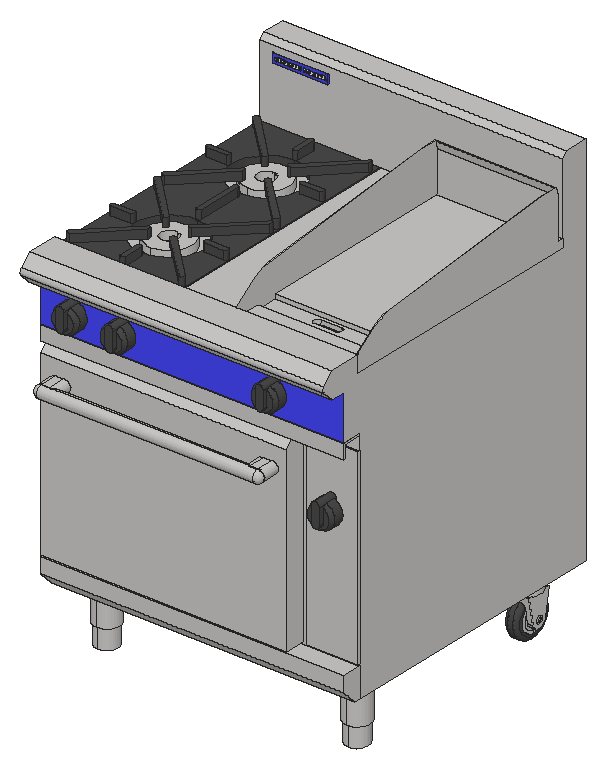
Revit family "QF_MOFFAT_BLUESEAL_CE_G505C", category Specialty Equipment, Revit 2012
Parameters
  Width = 750 mm  # constant formula
  Weight in Pounds = 401
  URL Cutsheet = "www.moffat.com"
  URL = "www.moffat.com"
  Type Mark [instance] = ""
  Status [instance] = ""
  Specification by User [instance] = ""
  Specification by Manufacturer = ""
  Show Logo [instance] = yes
  Show Clearance [instance] = yes
  Show Casters [instance] = yes
  Serial Number = ""
  Seismic Rating = ""
  SMACNA No = ""
  Revision Code [instance] = ""
  Omniclass Number and Title = ""
  NAFEM Spec ID Number = ""
  Model = "G505C"
  Mechanical Remarks [instance] = ""
  Mechanical Connection Type [instance] = ""
  Masterspec = ""
  Manufacturer = "MOFFAT BLUESEAL"
  Legs [instance] = not(Show Casters)  # no
  Item Number [instance] = ""
  Installed By [instance] = ""
  Identify Quantity as Lot [instance] = yes
  Height = 1085 mm  # constant formula
  Gas Size = 3/4"
  Gas RI Height [instance] = 0 mm
  Gas KW [instance] = 29.4
  Gas Input [instance] = 100468.0 Btu/h
  Gas Connection Height = 0 mm
  Furnished By [instance] = ""
  Foodservice Equipment Identifier [instance] = yes
  Description = "750MM GAS RANGE WITH STATIC OVEN"
  Depth = 812 mm  # constant formula
  CSI MasterFormat = ""
  CSI Master Format = ""
Reference planes
  plane 1 "BACK": y = 0
  plane 2: z = 0
  plane 3 "LEFT": x = 0
  plane 4 "RIGHT": x = 750
  plane 5 "FRONT": y = -812
  plane 6 "TOP": z = 970
  plane 7 "Center Y": x = 375
  plane 8 "Center X": y = -406
  plane 9: y = -100
  plane 10 "Base Height": z = 150
  plane 11: x = 65.8
  plane 12: x = 620
  plane 13: x = 685
  plane 14: y = -500
  plane 15: x = 676
  plane 16: z = 1085
Forms (mm)
  Extrusion 1, solid, material "QF_Finishes_Stainless Steel"
    sketch origin (0, 0, 0) x (0, 1, 0) y (0, 0, 1)
      loop
        line (-784.97, 850) -> (-749, 850) -> (-749, 740) -> (-699, 740) -> (-699, 150) -> (0, 150) -> (0, 1085) -> (-57.5, 1085) -> (-70, 1072.5) -> (-70, 875) -> (-705, 875) -> (-705, 915) -> (-783.97, 915) -> (-808.469, 890.501)
        arc (-808.469, 890.501) -> (-811.99, 882) -> (-808.469, 873.499) r 12.022
        line (-808.469, 873.499) -> (-784.97, 850)
    from 0 to 750
  Extrusion 2, solid, material "QF_Finishes_Stainless Steel"
    sketch origin (555.062, 3, 100) x (1, 0, 0) y (0, 1, 0)
      loop
        circle (65, -35) r 13.5
    from 555 to 640
  Revolve 3, solid, material "QF_Finishes_Stainless Steel"
    sketch origin (65, -728, 0) x (0, 1, 0) y (0, 0, 1)
      loop
        line (71.25, 150) -> (71.25, 50) -> (75.5, 50) -> (75.5, 0) -> (103, 0) -> (103, 150) -> (71.25, 150)
      axis (103, 150) -> (103, 0)
    angle from 0 to 360
  Extrusion 4, solid, material "QF_Finishes_Black"
    sketch origin (0, -70, 875) x (0, -1, 0) y (1, 0, 0)
      loop
        arc (1, 4) -> (1.879, 1.879) -> (4, 1) r 3
        line (4, 1) -> (632, 1)
        arc (632, 1) -> (634.121, 1.879) -> (635, 4) r 3
        line (635, 4) -> (635, 297)
        arc (635, 297) -> (634.121, 299.121) -> (632, 300) r 3
        line (632, 300) -> (4, 300)
        arc (4, 300) -> (1.879, 299.121) -> (1, 297) r 3
        line (1, 297) -> (1, 4)
      loop
        circle (167.5, 150) r 85
      loop
        circle (467.768, 150) r 85
    from 0 to 19.5
  Extrusion 5, solid, material "QF_Finishes_Black"
    sketch origin (0, -73.5, 894.5) x (0, -1, 0) y (1, 0, 0)
      loop
        spline (323.602, 15.153) -> (322.681, 13.924) -> (322.131, 12.47) -> (321.99, 10.89) -> (322.267, 9.292) -> (322.943, 7.786) -> (323.973, 6.473) -> (325.286, 5.443) -> (326.792, 4.767) -> (328.39, 4.49) -> (329.97, 4.631) -> (331.424, 5.181) -> (332.653, 6.102)
        line (332.653, 6.102) -> (440.576, 114.025)
        spline (440.576, 114.025) -> (441.337, 115.095) -> (441.738, 116.399) -> (441.751, 117.851) -> (441.375, 119.35) -> (440.637, 120.795) -> (439.586, 122.086) -> (438.295, 123.137) -> (436.85, 123.875) -> (435.351, 124.251) -> (433.899, 124.238) -> (432.595, 123.837) -> (431.525, 123.076)
        line (431.525, 123.076) -> (323.602, 15.153)
      loop
        spline (371.852, 143.6) -> (373.146, 143.818) -> (374.352, 144.457) -> (375.388, 145.475) -> (376.182, 146.8) -> (376.682, 148.344) -> (376.852, 150) -> (376.682, 151.656) -> (376.182, 153.2) -> (375.388, 154.525) -> (374.352, 155.543) -> (373.146, 156.182) -> (371.852, 156.4)
        line (371.852, 156.4) -> (259.398, 156.4)
        spline (259.398, 156.4) -> (258.104, 156.182) -> (256.898, 155.543) -> (255.862, 154.525) -> (255.068, 153.2) -> (254.568, 151.656) -> (254.398, 150) -> (254.568, 148.344) -> (255.068, 146.8) -> (255.862, 145.475) -> (256.898, 144.457) -> (258.104, 143.818) -> (259.398, 143.6)
        line (259.398, 143.6) -> (371.852, 143.6)
      loop
        line (311.398, 15.153) -> (203.475, 123.076)
        spline (203.475, 123.076) -> (202.405, 123.837) -> (201.101, 124.238) -> (199.649, 124.251) -> (198.15, 123.875) -> (196.705, 123.137) -> (195.414, 122.086) -> (194.363, 120.795) -> (193.625, 119.35) -> (193.249, 117.851) -> (193.262, 116.399) -> (193.663, 115.095) -> (194.424, 114.025)
        line (194.424, 114.025) -> (302.347, 6.102)
        spline (302.347, 6.102) -> (303.416, 5.341) -> (304.721, 4.941) -> (306.172, 4.928) -> (307.671, 5.303) -> (309.116, 6.041) -> (310.408, 7.092) -> (311.459, 8.384) -> (312.197, 9.829) -> (312.572, 11.328) -> (312.559, 12.779) -> (312.159, 14.084) -> (311.398, 15.153)
      loop
        line (323.602, 284.847) -> (431.525, 176.924)
        spline (431.525, 176.924) -> (432.595, 176.163) -> (433.899, 175.762) -> (435.351, 175.749) -> (436.85, 176.125) -> (438.295, 176.863) -> (439.586, 177.914) -> (440.637, 179.205) -> (441.375, 180.65) -> (441.751, 182.149) -> (441.738, 183.601) -> (441.337, 184.905) -> (440.576, 185.975)
        line (440.576, 185.975) -> (332.653, 293.898)
        spline (332.653, 293.898) -> (331.424, 294.819) -> (329.97, 295.369) -> (328.39, 295.51) -> (326.792, 295.233) -> (325.286, 294.557) -> (323.973, 293.527) -> (322.943, 292.214) -> (322.267, 290.708) -> (321.99, 289.11) -> (322.131, 287.53) -> (322.681, 286.076) -> (323.602, 284.847)
      loop
        spline (311.398, 284.847) -> (312.159, 285.916) -> (312.559, 287.221) -> (312.572, 288.672) -> (312.197, 290.171) -> (311.459, 291.616) -> (310.408, 292.908) -> (309.116, 293.959) -> (307.671, 294.697) -> (306.172, 295.072) -> (304.721, 295.059) -> (303.416, 294.659) -> (302.347, 293.898)
        line (302.347, 293.898) -> (194.424, 185.975)
        spline (194.424, 185.975) -> (193.663, 184.905) -> (193.262, 183.601) -> (193.249, 182.149) -> (193.625, 180.65) -> (194.363, 179.205) -> (195.414, 177.914) -> (196.705, 176.863) -> (198.15, 176.125) -> (199.649, 175.749) -> (201.101, 175.762) -> (202.405, 176.163) -> (203.475, 176.924)
        line (203.475, 176.924) -> (311.398, 284.847)
      loop
        spline (73.549, 143.6) -> (74.844, 143.818) -> (76.049, 144.457) -> (77.085, 145.475) -> (77.88, 146.8) -> (78.379, 148.344) -> (78.549, 150) -> (78.379, 151.656) -> (77.88, 153.2) -> (77.085, 154.525) -> (76.049, 155.543) -> (74.844, 156.182) -> (73.549, 156.4)
        line (73.549, 156.4) -> (25.093, 156.4)
        spline (25.093, 156.4) -> (23.799, 156.182) -> (22.593, 155.543) -> (21.558, 154.525) -> (20.763, 153.2) -> (20.264, 151.656) -> (20.093, 150) -> (20.264, 148.344) -> (20.763, 146.8) -> (21.558, 145.475) -> (22.593, 144.457) -> (23.799, 143.818) -> (25.093, 143.6)
        line (25.093, 143.6) -> (73.549, 143.6)
      loop
        spline (608.1, 143.6) -> (609.394, 143.818) -> (610.6, 144.457) -> (611.636, 145.475) -> (612.43, 146.8) -> (612.93, 148.344) -> (613.1, 150) -> (612.93, 151.656) -> (612.43, 153.2) -> (611.636, 154.525) -> (610.6, 155.543) -> (609.394, 156.182) -> (608.1, 156.4)
        line (608.1, 156.4) -> (558.644, 156.4)
        spline (558.644, 156.4) -> (557.35, 156.182) -> (556.144, 155.543) -> (555.108, 154.525) -> (554.314, 153.2) -> (553.814, 151.656) -> (553.644, 150) -> (553.814, 148.344) -> (554.314, 146.8) -> (555.108, 145.475) -> (556.144, 144.457) -> (557.35, 143.818) -> (558.644, 143.6)
        line (558.644, 143.6) -> (608.1, 143.6)
      loop
        spline (457.6, 10.156) -> (457.818, 8.862) -> (458.457, 7.656) -> (459.475, 6.62) -> (460.8, 5.826) -> (462.344, 5.326) -> (464, 5.156) -> (465.656, 5.326) -> (467.2, 5.826) -> (468.525, 6.62) -> (469.543, 7.656) -> (470.182, 8.862) -> (470.4, 10.156)
        line (470.4, 10.156) -> (470.4, 58.612)
        spline (470.4, 58.612) -> (470.182, 59.906) -> (469.543, 61.112) -> (468.525, 62.148) -> (467.2, 62.942) -> (465.656, 63.442) -> (464, 63.612) -> (462.344, 63.442) -> (460.8, 62.942) -> (459.475, 62.148) -> (458.457, 61.112) -> (457.818, 59.906) -> (457.6, 58.612)
        line (457.6, 58.612) -> (457.6, 10.156)
      loop
        spline (160.966, 10.156) -> (161.184, 8.862) -> (161.823, 7.656) -> (162.841, 6.62) -> (164.166, 5.826) -> (165.71, 5.326) -> (167.366, 5.156) -> (169.022, 5.326) -> (170.566, 5.826) -> (171.892, 6.62) -> (172.909, 7.656) -> (173.548, 8.862) -> (173.766, 10.156)
        line (173.766, 10.156) -> (173.766, 58.612)
        spline (173.766, 58.612) -> (173.548, 59.906) -> (172.909, 61.112) -> (171.892, 62.148) -> (170.566, 62.942) -> (169.022, 63.442) -> (167.366, 63.612) -> (165.71, 63.442) -> (164.166, 62.942) -> (162.841, 62.148) -> (161.823, 61.112) -> (161.184, 59.906) -> (160.966, 58.612)
        line (160.966, 58.612) -> (160.966, 10.156)
      loop
        spline (457.6, 241.636) -> (457.818, 240.342) -> (458.457, 239.136) -> (459.475, 238.1) -> (460.8, 237.306) -> (462.344, 236.806) -> (464, 236.636) -> (465.656, 236.806) -> (467.2, 237.306) -> (468.525, 238.1) -> (469.543, 239.136) -> (470.182, 240.342) -> (470.4, 241.636)
        line (470.4, 241.636) -> (470.4, 290.092)
        spline (470.4, 290.092) -> (470.182, 291.386) -> (469.543, 292.592) -> (468.525, 293.628) -> (467.2, 294.422) -> (465.656, 294.922) -> (464, 295.092) -> (462.344, 294.922) -> (460.8, 294.422) -> (459.475, 293.628) -> (458.457, 292.592) -> (457.818, 291.386) -> (457.6, 290.092)
        line (457.6, 290.092) -> (457.6, 241.636)
      loop
        spline (160.966, 241.636) -> (161.184, 240.342) -> (161.823, 239.136) -> (162.841, 238.1) -> (164.166, 237.306) -> (165.71, 236.806) -> (167.366, 236.636) -> (169.022, 236.806) -> (170.566, 237.306) -> (171.892, 238.1) -> (172.909, 239.136) -> (173.548, 240.342) -> (173.766, 241.636)
        line (173.766, 241.636) -> (173.766, 290.092)
        spline (173.766, 290.092) -> (173.548, 291.386) -> (172.909, 292.592) -> (171.892, 293.628) -> (170.566, 294.422) -> (169.022, 294.922) -> (167.366, 295.092) -> (165.71, 294.922) -> (164.166, 294.422) -> (162.841, 293.628) -> (161.823, 292.592) -> (161.184, 291.386) -> (160.966, 290.092)
        line (160.966, 290.092) -> (160.966, 241.636)
      loop
        line (604.398, 15.153) -> (496.475, 123.076)
        spline (496.475, 123.076) -> (495.405, 123.837) -> (494.101, 124.238) -> (492.649, 124.251) -> (491.15, 123.875) -> (489.705, 123.137) -> (488.414, 122.086) -> (487.363, 120.795) -> (486.625, 119.35) -> (486.249, 117.851) -> (486.262, 116.399) -> (486.663, 115.095) -> (487.424, 114.025)
        line (487.424, 114.025) -> (595.347, 6.102)
        spline (595.347, 6.102) -> (596.576, 5.181) -> (598.03, 4.631) -> (599.61, 4.49) -> (601.208, 4.767) -> (602.714, 5.443) -> (604.027, 6.473) -> (605.057, 7.786) -> (605.733, 9.292) -> (606.01, 10.89) -> (605.869, 12.47) -> (605.319, 13.924) -> (604.398, 15.153)
      loop
        spline (604.398, 284.847) -> (605.319, 286.076) -> (605.869, 287.53) -> (606.01, 289.11) -> (605.733, 290.708) -> (605.057, 292.214) -> (604.027, 293.527) -> (602.714, 294.557) -> (601.208, 295.233) -> (599.61, 295.51) -> (598.03, 295.369) -> (596.576, 294.819) -> (595.347, 293.898)
        line (595.347, 293.898) -> (487.424, 185.975)
        spline (487.424, 185.975) -> (486.663, 184.905) -> (486.262, 183.601) -> (486.249, 182.149) -> (486.625, 180.65) -> (487.363, 179.205) -> (488.414, 177.914) -> (489.705, 176.863) -> (491.15, 176.125) -> (492.649, 175.749) -> (494.101, 175.762) -> (495.405, 176.163) -> (496.475, 176.924)
        line (496.475, 176.924) -> (604.398, 284.847)
      loop
        spline (16.602, 15.153) -> (15.841, 14.084) -> (15.441, 12.779) -> (15.428, 11.328) -> (15.803, 9.829) -> (16.541, 8.384) -> (17.592, 7.092) -> (18.884, 6.041) -> (20.329, 5.303) -> (21.828, 4.928) -> (23.279, 4.941) -> (24.584, 5.341) -> (25.653, 6.102)
        line (25.653, 6.102) -> (133.576, 114.025)
        spline (133.576, 114.025) -> (134.337, 115.095) -> (134.738, 116.399) -> (134.751, 117.851) -> (134.375, 119.35) -> (133.637, 120.795) -> (132.586, 122.086) -> (131.295, 123.137) -> (129.85, 123.875) -> (128.351, 124.251) -> (126.899, 124.238) -> (125.595, 123.837) -> (124.525, 123.076)
        line (124.525, 123.076) -> (16.602, 15.153)
      loop
        line (16.602, 284.847) -> (124.525, 176.924)
        spline (124.525, 176.924) -> (125.595, 176.163) -> (126.899, 175.762) -> (128.351, 175.749) -> (129.85, 176.125) -> (131.295, 176.863) -> (132.586, 177.914) -> (133.637, 179.205) -> (134.375, 180.65) -> (134.751, 182.149) -> (134.738, 183.601) -> (134.337, 184.905) -> (133.576, 185.975)
        line (133.576, 185.975) -> (25.653, 293.898)
        spline (25.653, 293.898) -> (24.584, 294.659) -> (23.279, 295.059) -> (21.828, 295.072) -> (20.329, 294.697) -> (18.884, 293.959) -> (17.592, 292.908) -> (16.541, 291.616) -> (15.803, 290.171) -> (15.428, 288.672) -> (15.441, 287.221) -> (15.841, 285.916) -> (16.602, 284.847)
    from 0 to 20.5
  Revolve 6, solid, material "QF_Finishes_Stainless Steel"
    sketch origin (685, -728, 0) x (0, 1, 0) y (0, 0, -1)
      loop
        line (71.25, -150) -> (103, -150) -> (103, 0) -> (75.5, 0) -> (75.5, -50) -> (71.25, -50) -> (71.25, -150)
      axis (103, -150) -> (103, 0)
    angle from 0 to 360
  Extrusion 7, solid, material "QF_Finishes_Stainless Steel"
    sketch origin (0, -70, 875) x (0, -1, 0) y (1, 0, 0)
      loop
        line (634, 300) -> (634, 450) -> (0, 450) -> (0, 300) -> (634, 300)
    from 0 to 19.5
  Extrusion 8, void
    sketch origin (0, -749, 227.5) x (0, 0, -1) y (-1, 0, 0)
      loop
        line (-465, -610) -> (-465, -625) -> (0, -625) -> (0, -610) -> (-465, -610)
    from 0 to 50
  Revolve 9, solid, material "QF_Finishes_Black"
    sketch origin (210, 7, 758.895) x (0, -1, 0) y (0, 0, 1)
      loop
        line (789, 69.605) -> (766, 69.605) -> (766, 42.105) -> (756, 42.105) -> (756, 37.105) -> (800, 37.105) -> (800, 63.757) -> (789, 69.605)
      axis (800, 37.105) -> (756, 37.105)
    angle from 0 to 360
  Revolve 10, solid, material "QF_Finishes_Black"
    sketch origin (89.999, 7, 758.768) x (0, 1, 0) y (0, 0, -1)
      loop
        line (-789, -69.5) -> (-766, -69.5) -> (-766, -42) -> (-756, -42) -> (-756, -37) -> (-800, -37) -> (-800, -63.651) -> (-789, -69.5)
      axis (-800, -37) -> (-756, -37)
    angle from 0 to 360
  Extrusion 11, solid, material "QF_Finishes_Black"
    sketch origin (228.269, 7, 758.926) x (-1, 0, 0) y (0, 0, -1)
      loop
        arc (148.269, -24.969) -> (138.269, -14.969) -> (128.269, -24.969) r 10
        line (128.269, -24.969) -> (128.269, -63.969)
        arc (128.269, -63.969) -> (138.269, -73.969) -> (148.269, -63.969) r 10
        line (148.269, -63.969) -> (148.269, -24.969)
    from 759 to 808
  Extrusion 12, solid, material "QF_Finishes_Black"
    sketch origin (349.45, 7, 758.926) x (-1, 0, 0) y (0, 0, -1)
      loop
        arc (148.269, -24.969) -> (138.269, -14.969) -> (128.269, -24.969) r 10
        line (128.269, -24.969) -> (128.269, -63.969)
        arc (128.269, -63.969) -> (138.269, -73.969) -> (148.269, -63.969) r 10
        line (148.269, -63.969) -> (148.269, -24.969)
    from 759 to 808
  Revolve 13, solid, material "QF_Finishes_Black"
    sketch origin (583.75, 7, 758.895) x (0, -1, 0) y (0, 0, -1)
      loop
        line (789, -69.605) -> (800, -63.757) -> (800, -37.105) -> (756, -37.105) -> (756, -42.105) -> (766, -42.105) -> (766, -69.605) -> (789, -69.605)
      axis (800, -37.105) -> (756, -37.105)
    angle from 0 to 360
  Extrusion 14, solid, material "QF_Finishes_Black"
    sketch origin (445.481, 7, 758.926) x (1, 0, 0) y (0, 0, 1)
      loop
        line (148.269, 24.969) -> (148.269, 63.969)
        arc (148.269, 63.969) -> (138.269, 73.969) -> (128.269, 63.969) r 10
        line (128.269, 63.969) -> (128.269, 24.969)
        arc (128.269, 24.969) -> (138.269, 14.969) -> (148.269, 24.969) r 10
    from 759 to 808
  Revolve 15, solid, material "QF_Finishes_Black"
    sketch origin (687.53, 51.5, 355.134) x (0, 1, 0) y (0, 0, 1)
      loop
        line (-789, 229.5) -> (-800, 223.651) -> (-800, 197) -> (-756, 197) -> (-756, 202) -> (-766, 202) -> (-766, 229.5) -> (-789, 229.5)
      axis (-800, 197) -> (-756, 197)
    angle from 0 to 360
  Extrusion 16, solid, material "QF_Finishes_Black"
    sketch origin (549.26, 51.5, 355.292) x (1, 0, 0) y (0, 0, 1)
      loop
        line (148.269, 184.969) -> (148.269, 223.969)
        arc (148.269, 223.969) -> (138.269, 233.969) -> (128.269, 223.969) r 10
        line (128.269, 223.969) -> (128.269, 184.969)
        arc (128.269, 184.969) -> (138.269, 174.969) -> (148.269, 184.969) r 10
    from 759 to 808
  Extrusion 17, solid, material "QF_Door-Drawer Clearances", visible <- "Show Clearance", detail levels coarse
    sketch origin (0, 7, 0) x (0, -1, 0) y (0, 0, 1)
      loop
        line (756, 690.016) -> (756, 227.5) -> (1218.516, 227.5)
        arc (1218.516, 227.5) -> (1083.048, 554.548) -> (756, 690.016) r 462.516
    from 0 to -610
  Extrusion 18, void
    sketch origin (0, 0, 150) x (-1, 0, 0) y (0, -1, 0)
      loop
        line (-681, 87.26) -> (-681, -30.24) -> (-551.5, -30.24) -> (-551.5, 38.76) -> (-600, 87.26) -> (-681, 87.26)
    from 72.5 to 590
  Extrusion 19, void
    sketch origin (35, -740, 227.5) x (0, 0, -1) y (-1, 0, 0)
      loop
        line (-472.5, -590) -> (-472.5, -715) -> (0, -715) -> (0, -590) -> (-472.5, -590)
    from -9 to 35
  Extrusion 20, solid, material "QF_Finishes_Stainless Steel"
    sketch origin (0, -70, 875) x (0, -1, 0) y (1, 0, 0)
      loop
        circle (467.5, 150) r 57
      loop
        circle (167.5, 150) r 57
      loop
        circle (467.5, 150) r 22
      loop
        circle (167.5, 150) r 22
    from 0 to 19.5
  Extrusion 21, solid, material "QF_Finishes_Stainless Steel"
    sketch origin (0, -749, 227.5) x (0, 0, 1) y (-1, 0, 0)
      loop
        line (380.625, -38.246) -> (380.625, -58.528)
        arc (380.625, -58.528) -> (395.625, -73.528) -> (410.625, -58.528) r 15
        line (410.625, -58.528) -> (410.625, -38.246)
        arc (410.625, -38.246) -> (395.625, -23.246) -> (380.625, -38.246) r 15
      loop
        arc (380.625, -573.039) -> (395.625, -588.039) -> (410.625, -573.039) r 15
        line (410.625, -573.039) -> (410.625, -552.757)
        arc (410.625, -552.757) -> (395.625, -537.757) -> (380.625, -552.757) r 15
        line (380.625, -552.757) -> (380.625, -573.039)
    from 0 to 44
  Revolve 22, solid, material "QF_Finishes_Stainless Steel"
    sketch origin (0, -793, 0) x (1, 0, 0) y (0, 0, 1)
      loop
        arc (588.039, 623.125) -> (583.646, 633.732) -> (573.039, 638.125) r 15
        line (573.039, 638.125) -> (38.246, 638.125)
        arc (38.246, 638.125) -> (27.64, 633.732) -> (23.246, 623.125) r 15
        line (23.246, 623.125) -> (588.039, 623.125)
      axis (588.039, 623.125) -> (23.246, 623.125)
    angle from 0 to 360
  Extrusion 23, solid, material "QF_Finishes_Stainless Steel"
    sketch origin (0, 9, 0) x (0, 1, 0) y (0, 0, 1)
      loop
        line (-708, 227.5) -> (-708, 700) -> (-734, 700) -> (-758, 676) -> (-758, 227.5) -> (-708, 227.5)
    from 0 to 750
  Extrusion 24, solid, material "QF_Finishes_Stainless Steel"
    sketch origin (0, 7, 0) x (0, 1, 0) y (0, 0, 1)
      loop
        line (-756, 738) -> (-756, 703) -> (-752.98, 703) -> (-752.98, 735) -> (-708, 735) -> (-708, 738) -> (-756, 738)
    from 0 to 750
  Extrusion 25, solid, material "QF_Finishes_Stainless Steel"
    sketch origin (0, 9, 0) x (0, 1, 0) y (0, 0, 1)
      loop
        line (-708, 222.5) -> (-758, 222.5) -> (-758, 186) -> (-722, 150) -> (-708, 150) -> (-708, 222.5)
    from 0 to 750
  Extrusion 26, solid, material "QF_Finishes_Stainless Steel", visible <- "Show Casters"
    sketch origin (71.501, 133.353, -8.783) x (0, 1, 0) y (0, 0, 1)
      loop
        line (-201.603, 118.783) -> (-265.103, 118.783) -> (-252.746, 53.895)
        arc (-252.746, 53.895) -> (-233.353, 38.783) -> (-213.959, 53.895) r 20
        line (-213.959, 53.895) -> (-201.603, 118.783)
    from -35.667 to 22.923
  Revolve 27, solid, material "QF_Finishes_Stainless Steel", visible <- "Show Casters"
    sketch origin (65, -203, 0) x (0, 1, 0) y (0, 0, 1)
      loop
        line (67.25, 150) -> (67.25, 110) -> (103, 110) -> (103, 150) -> (67.25, 150)
      axis (103, 150) -> (103, 110)
    angle from 0 to 360
  Revolve 28, solid, material "QF_Finishes_Stainless Steel", visible <- "Show Casters"
    sketch origin (685, -203, 0) x (0, 1, 0) y (0, 0, -1)
      loop
        line (67.25, -150) -> (103, -150) -> (103, -110) -> (67.25, -110) -> (67.25, -150)
      axis (103, -150) -> (103, -110)
    angle from 0 to 360
  Revolve 29, solid, material "QF_Finishes_Stainless Steel", visible <- "Show Casters"
    sketch origin (635.776, -99.755, -13.653) x (1, 0, 0) y (0, 0, 1)
      loop
        line (14.841, 64.453) -> (83.584, 64.453) -> (83.584, 67.958) -> (82.314, 69.228) -> (80.79, 69.228) -> (80.79, 72.674) -> (68.644, 72.674) -> (68.644, 82.639) -> (65.088, 84.692) -> (63.738, 93.028) -> (65.881, 93.028) -> (65.881, 99.378) -> (65.088, 99.378) -> (65.088, 105.728)
        arc (65.088, 105.728) -> (62.298, 112.463) -> (55.563, 115.253) r 9.525
        line (55.563, 115.253) -> (42.863, 115.253)
        arc (42.863, 115.253) -> (36.127, 112.463) -> (33.338, 105.728) r 9.525
        line (33.338, 105.728) -> (33.338, 99.378) -> (32.544, 99.378) -> (32.544, 93.028) -> (34.687, 93.028) -> (33.352, 84.781) -> (29.782, 82.719) -> (29.782, 72.674) -> (17.635, 72.674) -> (17.635, 69.228) -> (16.111, 69.228) -> (14.841, 67.958) -> (14.841, 64.453)
      axis (14.841, 64.453) -> (83.584, 64.453)
    angle from 0 to 360
  Extrusion 30, solid, material "QF_Finishes_Stainless Steel", visible <- "Show Casters"
    sketch origin (691.501, 133.353, -8.783) x (0, 1, 0) y (0, 0, 1)
      loop
        line (-201.603, 118.783) -> (-265.103, 118.783) -> (-252.746, 53.895)
        arc (-252.746, 53.895) -> (-233.353, 38.783) -> (-213.959, 53.895) r 20
        line (-213.959, 53.895) -> (-201.603, 118.783)
    from -35.667 to 22.923
  Revolve 31, solid, material "QF_Finishes_Stainless Steel", visible <- "Legs"
    sketch origin (65, -165, 0) x (0, 1, 0) y (0, 0, 1)
      loop
        line (33.25, 150) -> (33.25, 50) -> (37.5, 50) -> (37.5, 0) -> (65, 0) -> (65, 150) -> (33.25, 150)
      axis (65, 150) -> (65, 0)
    angle from 0 to 360
  Revolve 32, solid, material "QF_Finishes_Stainless Steel", visible <- "Legs"
    sketch origin (685, -165, 0) x (0, 1, 0) y (0, 0, -1)
      loop
        line (33.25, -150) -> (65, -150) -> (65, 0) -> (37.5, 0) -> (37.5, -50) -> (33.25, -50) -> (33.25, -150)
      axis (65, -150) -> (65, 0)
    angle from 0 to 360
  Revolve 33, solid, material "QF_Finishes_Stainless Steel", visible <- "Show Casters"
    sketch origin (114.224, -99.755, -13.653) x (-1, 0, 0) y (0, 0, -1)
      loop
        line (14.841, -64.453) -> (14.841, -67.958) -> (16.111, -69.228) -> (17.635, -69.228) -> (17.635, -72.674) -> (29.782, -72.674) -> (29.782, -82.719) -> (33.352, -84.781) -> (34.687, -93.028) -> (32.544, -93.028) -> (32.544, -99.378) -> (33.338, -99.378) -> (33.338, -105.728)
        arc (33.338, -105.728) -> (36.127, -112.463) -> (42.863, -115.253) r 9.525
        line (42.863, -115.253) -> (55.563, -115.253)
        arc (55.563, -115.253) -> (62.298, -112.463) -> (65.088, -105.728) r 9.525
        line (65.088, -105.728) -> (65.088, -99.378) -> (65.881, -99.378) -> (65.881, -93.028) -> (63.738, -93.028) -> (65.088, -84.692) -> (68.644, -82.639) -> (68.644, -72.674) -> (80.79, -72.674) -> (80.79, -69.228) -> (82.314, -69.228) -> (83.584, -67.958) -> (83.584, -64.453) -> (14.841, -64.453)
      axis (14.841, -64.453) -> (83.584, -64.453)
    angle from 0 to 360
Cuts and joins
  Extrusion 8, Extrusion 18, Extrusion 19 cuts Extrusion 1
  Extrusion 8, Extrusion 19 cuts Extrusion 23
Lines and regions (mm)
  Split face 1
    outline origin (0, -70, 894.5) x (0, -1, 0) y (1, 0, 0)
      loop
        circle (45.037, 327.576) r 8
  Split face 2
    outline origin (47.424, -70, 894.5) x (0, -1, 0) y (1, 0, 0)
      loop
        circle (45.037, 327.576) r 8
  Split face 3
    outline origin (750, -70, 894.5) x (0, -1, 0) y (1, 0, 0)
      loop
        circle (45.037, -327.576) r 8
  Split face 4
    outline origin (0, -104, 894.5) x (0, -1, 0) y (1, 0, 0)
      loop
        circle (45.037, 327.576) r 8
  Split face 5
    outline origin (47.424, -104, 894.5) x (0, -1, 0) y (1, 0, 0)
      loop
        circle (45.037, 327.576) r 8
  Split face 6
    outline origin (750, -104, 894.5) x (0, -1, 0) y (1, 0, 0)
      loop
        circle (45.037, -327.576) r 8
  Split face 7
    outline origin (0, -138, 894.5) x (0, -1, 0) y (1, 0, 0)
      loop
        circle (45.037, 327.576) r 8
  Split face 8
    outline origin (47.424, -138, 894.5) x (0, -1, 0) y (1, 0, 0)
      loop
        circle (45.037, 327.576) r 8
  Split face 9
    outline origin (750, -138, 894.5) x (0, -1, 0) y (1, 0, 0)
      loop
        circle (45.037, -327.576) r 8
  Split face 10
    outline origin (0, -172, 894.5) x (0, -1, 0) y (1, 0, 0)
      loop
        circle (45.037, 327.576) r 8
  Split face 11
    outline origin (47.424, -172, 894.5) x (0, -1, 0) y (1, 0, 0)
      loop
        circle (45.037, 327.576) r 8
  Split face 12
    outline origin (750, -172, 894.5) x (0, -1, 0) y (1, 0, 0)
      loop
        circle (45.037, -327.576) r 8
  Split face 13
    outline origin (0, -206, 894.5) x (0, -1, 0) y (1, 0, 0)
      loop
        circle (45.037, 327.576) r 8
  Split face 14
    outline origin (47.424, -206, 894.5) x (0, -1, 0) y (1, 0, 0)
      loop
        circle (45.037, 327.576) r 8
  Split face 15
    outline origin (750, -206, 894.5) x (0, -1, 0) y (1, 0, 0)
      loop
        circle (45.037, -327.576) r 8
  Split face 16
    outline origin (0, -240, 894.5) x (0, -1, 0) y (1, 0, 0)
      loop
        circle (45.037, 327.576) r 8
  Split face 17
    outline origin (47.424, -240, 894.5) x (0, -1, 0) y (1, 0, 0)
      loop
        circle (45.037, 327.576) r 8
  Split face 18
    outline origin (750, -240, 894.5) x (0, -1, 0) y (1, 0, 0)
      loop
        circle (45.037, -327.576) r 8
  Split face 19
    outline origin (0, -274, 894.5) x (0, -1, 0) y (1, 0, 0)
      loop
        circle (45.037, 327.576) r 8
  Split face 20
    outline origin (47.424, -274, 894.5) x (0, -1, 0) y (1, 0, 0)
      loop
        circle (45.037, 327.576) r 8
  Split face 21
    outline origin (750, -274, 894.5) x (0, -1, 0) y (1, 0, 0)
      loop
        circle (45.037, -327.576) r 8
  Split face 22
    outline origin (0, -308, 894.5) x (0, -1, 0) y (1, 0, 0)
      loop
        circle (45.037, 327.576) r 8
  Split face 23
    outline origin (47.424, -308, 894.5) x (0, -1, 0) y (1, 0, 0)
      loop
        circle (45.037, 327.576) r 8
  Split face 24
    outline origin (750, -308, 894.5) x (0, -1, 0) y (1, 0, 0)
      loop
        circle (45.037, -327.576) r 8
  Split face 25
    outline origin (0, -342, 894.5) x (0, -1, 0) y (1, 0, 0)
      loop
        circle (45.037, 327.576) r 8
  Split face 26
    outline origin (47.424, -342, 894.5) x (0, -1, 0) y (1, 0, 0)
      loop
        circle (45.037, 327.576) r 8
  Split face 27
    outline origin (750, -342, 894.5) x (0, -1, 0) y (1, 0, 0)
      loop
        circle (45.037, -327.576) r 8
  Split face 28
    outline origin (0, -376, 894.5) x (0, -1, 0) y (1, 0, 0)
      loop
        circle (45.037, 327.576) r 8
  Split face 29
    outline origin (47.424, -376, 894.5) x (0, -1, 0) y (1, 0, 0)
      loop
        circle (45.037, 327.576) r 8
  Split face 30
    outline origin (750, -376, 894.5) x (0, -1, 0) y (1, 0, 0)
      loop
        circle (45.037, -327.576) r 8
  Split face 31
    outline origin (0, -410, 894.5) x (0, -1, 0) y (1, 0, 0)
      loop
        circle (45.037, 327.576) r 8
  Split face 32
    outline origin (47.424, -410, 894.5) x (0, -1, 0) y (1, 0, 0)
      loop
        circle (45.037, 327.576) r 8
  Split face 33
    outline origin (750, -410, 894.5) x (0, -1, 0) y (1, 0, 0)
      loop
        circle (45.037, -327.576) r 8
  Split face 34
    outline origin (0, -444, 894.5) x (0, -1, 0) y (1, 0, 0)
      loop
        circle (45.037, 327.576) r 8
  Split face 35
    outline origin (47.424, -444, 894.5) x (0, -1, 0) y (1, 0, 0)
      loop
        circle (45.037, 327.576) r 8
  Split face 36
    outline origin (750, -444, 894.5) x (0, -1, 0) y (1, 0, 0)
      loop
        circle (45.037, -327.576) r 8
  Split face 37
    outline origin (0, -478, 894.5) x (0, -1, 0) y (1, 0, 0)
      loop
        circle (45.037, 327.576) r 8
  Split face 38
    outline origin (47.424, -478, 894.5) x (0, -1, 0) y (1, 0, 0)
      loop
        circle (45.037, 327.576) r 8
  Split face 39
    outline origin (750, -478, 894.5) x (0, -1, 0) y (1, 0, 0)
      loop
        circle (45.037, -327.576) r 8
  Split face 40
    outline origin (0, -512, 894.5) x (0, -1, 0) y (1, 0, 0)
      loop
        circle (45.037, 327.576) r 8
  Split face 41
    outline origin (47.424, -512, 894.5) x (0, -1, 0) y (1, 0, 0)
      loop
        circle (45.037, 327.576) r 8
  Split face 42
    outline origin (750, -512, 894.5) x (0, -1, 0) y (1, 0, 0)
      loop
        circle (45.037, -327.576) r 8
  Split face 43
    outline origin (0, -546, 894.5) x (0, -1, 0) y (1, 0, 0)
      loop
        circle (45.037, 327.576) r 8
  Split face 44
    outline origin (47.424, -546, 894.5) x (0, -1, 0) y (1, 0, 0)
      loop
        circle (45.037, 327.576) r 8
  Split face 45
    outline origin (750, -546, 894.5) x (0, -1, 0) y (1, 0, 0)
      loop
        circle (45.037, -327.576) r 8
  Split face 46
    outline origin (0, -580, 894.5) x (0, -1, 0) y (1, 0, 0)
      loop
        circle (45.037, 327.576) r 8
  Split face 47
    outline origin (47.424, -580, 894.5) x (0, -1, 0) y (1, 0, 0)
      loop
        circle (45.037, 327.576) r 8
  Split face 48
    outline origin (750, -580, 894.5) x (0, -1, 0) y (1, 0, 0)
      loop
        circle (45.037, -327.576) r 8
  Split face 49
    outline origin (0, -614, 894.5) x (0, -1, 0) y (1, 0, 0)
      loop
        circle (45.037, 327.576) r 8
  Split face 50
    outline origin (47.424, -614, 894.5) x (0, -1, 0) y (1, 0, 0)
      loop
        circle (45.037, 327.576) r 8
  Split face 51
    outline origin (750, -614, 894.5) x (0, -1, 0) y (1, 0, 0)
      loop
        circle (45.037, -327.576) r 8
  Split face 52
    outline origin (750, 0, 1085) x (-1, 0, 0) y (0, -1, 0)
      loop
        arc (485.206, 45.385) -> (476.545, 40.385) -> (476.545, 30.385) r 10
        line (476.545, 30.385) -> (480.587, 23.385)
        arc (480.587, 23.385) -> (484.247, 19.725) -> (489.247, 18.385) r 10
        line (489.247, 18.385) -> (717.206, 18.385)
        arc (717.206, 18.385) -> (725.866, 23.385) -> (725.866, 33.385) r 10
        line (725.866, 33.385) -> (721.824, 40.385)
        arc (721.824, 40.385) -> (718.164, 44.045) -> (713.164, 45.385) r 10
        line (713.164, 45.385) -> (485.206, 45.385)
  Split face 53
    outline origin (750, 0, 1085) x (-1, 0, 0) y (0, -1, 0)
      loop
        arc (35.206, 45.385) -> (26.545, 40.385) -> (26.545, 30.385) r 10
        line (26.545, 30.385) -> (30.587, 23.385)
        arc (30.587, 23.385) -> (34.247, 19.725) -> (39.247, 18.385) r 10
        line (39.247, 18.385) -> (267.206, 18.385)
        arc (267.206, 18.385) -> (275.866, 23.385) -> (275.866, 33.385) r 10
        line (275.866, 33.385) -> (271.824, 40.385)
        arc (271.824, 40.385) -> (268.164, 44.045) -> (263.164, 45.385) r 10
        line (263.164, 45.385) -> (35.206, 45.385)
  symbolic lines
    curve 1: line (0, 0, 0) -> (0, -812, 0)
    curve 2: line (750, 0, 0) -> (0, 0, 0)
    curve 3: line (750, -812, 0) -> (750, 0, 0)
    curve 4: line (0, -812, 0) -> (750, -812, 0)
    curve 5: line (750, -705, 0) -> (0, -705, 0)
    curve 6: line (0, -70, 0) -> (750, -70, 0)
    curve 7: line (0, -391, 0) -> (300, -391, 0)
    curve 8: arc (327.576, -123.037, 0) -> (335.576, -115.037, 0) -> (327.576, -107.037, 0) r 8
    curve 9: arc (327.576, -107.037, 0) -> (319.576, -115.037, 0) -> (327.576, -123.037, 0) r 8
    curve 10: arc (375, -123.037, 0) -> (383, -115.037, 0) -> (375, -107.037, 0) r 8
    curve 11: arc (375, -107.037, 0) -> (367, -115.037, 0) -> (375, -123.037, 0) r 8
    curve 12: arc (422.424, -123.037, 0) -> (430.424, -115.037, 0) -> (422.424, -107.037, 0) r 8
    curve 13: arc (422.424, -107.037, 0) -> (414.424, -115.037, 0) -> (422.424, -123.037, 0) r 8
    curve 14: arc (327.576, -157.037, 0) -> (335.576, -149.037, 0) -> (327.576, -141.037, 0) r 8
    curve 15: arc (327.576, -141.037, 0) -> (319.576, -149.037, 0) -> (327.576, -157.037, 0) r 8
    curve 16: arc (375, -157.037, 0) -> (383, -149.037, 0) -> (375, -141.037, 0) r 8
    curve 17: arc (375, -141.037, 0) -> (367, -149.037, 0) -> (375, -157.037, 0) r 8
    curve 18: arc (422.424, -157.037, 0) -> (430.424, -149.037, 0) -> (422.424, -141.037, 0) r 8
    curve 19: arc (422.424, -141.037, 0) -> (414.424, -149.037, 0) -> (422.424, -157.037, 0) r 8
    curve 20: arc (327.576, -191.037, 0) -> (335.576, -183.037, 0) -> (327.576, -175.037, 0) r 8
    curve 21: arc (327.576, -175.037, 0) -> (319.576, -183.037, 0) -> (327.576, -191.037, 0) r 8
    curve 22: arc (375, -191.037, 0) -> (383, -183.037, 0) -> (375, -175.037, 0) r 8
    curve 23: arc (375, -175.037, 0) -> (367, -183.037, 0) -> (375, -191.037, 0) r 8
    curve 24: arc (422.424, -191.037, 0) -> (430.424, -183.037, 0) -> (422.424, -175.037, 0) r 8
    curve 25: arc (422.424, -175.037, 0) -> (414.424, -183.037, 0) -> (422.424, -191.037, 0) r 8
    curve 26: arc (327.576, -225.037, 0) -> (335.576, -217.037, 0) -> (327.576, -209.037, 0) r 8
    curve 27: arc (327.576, -209.037, 0) -> (319.576, -217.037, 0) -> (327.576, -225.037, 0) r 8
    curve 28: arc (375, -225.037, 0) -> (383, -217.037, 0) -> (375, -209.037, 0) r 8
    curve 29: arc (375, -209.037, 0) -> (367, -217.037, 0) -> (375, -225.037, 0) r 8
    curve 30: arc (422.424, -225.037, 0) -> (430.424, -217.037, 0) -> (422.424, -209.037, 0) r 8
    curve 31: arc (422.424, -209.037, 0) -> (414.424, -217.037, 0) -> (422.424, -225.037, 0) r 8
    curve 32: arc (327.576, -259.037, 0) -> (335.576, -251.037, 0) -> (327.576, -243.037, 0) r 8
    curve 33: arc (327.576, -243.037, 0) -> (319.576, -251.037, 0) -> (327.576, -259.037, 0) r 8
    curve 34: arc (375, -259.037, 0) -> (383, -251.037, 0) -> (375, -243.037, 0) r 8
    curve 35: arc (375, -243.037, 0) -> (367, -251.037, 0) -> (375, -259.037, 0) r 8
    curve 36: arc (422.424, -259.037, 0) -> (430.424, -251.037, 0) -> (422.424, -243.037, 0) r 8
    curve 37: arc (422.424, -243.037, 0) -> (414.424, -251.037, 0) -> (422.424, -259.037, 0) r 8
    curve 38: arc (327.576, -293.037, 0) -> (335.576, -285.037, 0) -> (327.576, -277.037, 0) r 8
    curve 39: arc (327.576, -277.037, 0) -> (319.576, -285.037, 0) -> (327.576, -293.037, 0) r 8
    curve 40: arc (375, -293.037, 0) -> (383, -285.037, 0) -> (375, -277.037, 0) r 8
    curve 41: arc (375, -277.037, 0) -> (367, -285.037, 0) -> (375, -293.037, 0) r 8
    curve 42: arc (422.424, -293.037, 0) -> (430.424, -285.037, 0) -> (422.424, -277.037, 0) r 8
    curve 43: arc (422.424, -277.037, 0) -> (414.424, -285.037, 0) -> (422.424, -293.037, 0) r 8
    curve 44: arc (327.576, -327.037, 0) -> (335.576, -319.037, 0) -> (327.576, -311.037, 0) r 8
    curve 45: arc (327.576, -311.037, 0) -> (319.576, -319.037, 0) -> (327.576, -327.037, 0) r 8
    curve 46: arc (375, -327.037, 0) -> (383, -319.037, 0) -> (375, -311.037, 0) r 8
    curve 47: arc (375, -311.037, 0) -> (367, -319.037, 0) -> (375, -327.037, 0) r 8
    curve 48: arc (422.424, -327.037, 0) -> (430.424, -319.037, 0) -> (422.424, -311.037, 0) r 8
    curve 49: arc (422.424, -311.037, 0) -> (414.424, -319.037, 0) -> (422.424, -327.037, 0) r 8
    curve 50: arc (327.576, -361.037, 0) -> (335.576, -353.037, 0) -> (327.576, -345.037, 0) r 8
    curve 51: arc (327.576, -345.037, 0) -> (319.576, -353.037, 0) -> (327.576, -361.037, 0) r 8
    curve 52: arc (375, -361.037, 0) -> (383, -353.037, 0) -> (375, -345.037, 0) r 8
    curve 53: arc (375, -345.037, 0) -> (367, -353.037, 0) -> (375, -361.037, 0) r 8
    curve 54: arc (422.424, -361.037, 0) -> (430.424, -353.037, 0) -> (422.424, -345.037, 0) r 8
    curve 55: arc (422.424, -345.037, 0) -> (414.424, -353.037, 0) -> (422.424, -361.037, 0) r 8
    curve 56: arc (327.576, -395.037, 0) -> (335.576, -387.037, 0) -> (327.576, -379.037, 0) r 8
    curve 57: arc (327.576, -379.037, 0) -> (319.576, -387.037, 0) -> (327.576, -395.037, 0) r 8
    curve 58: arc (375, -395.037, 0) -> (383, -387.037, 0) -> (375, -379.037, 0) r 8
    curve 59: arc (375, -379.037, 0) -> (367, -387.037, 0) -> (375, -395.037, 0) r 8
    curve 60: arc (422.424, -395.037, 0) -> (430.424, -387.037, 0) -> (422.424, -379.037, 0) r 8
    curve 61: arc (422.424, -379.037, 0) -> (414.424, -387.037, 0) -> (422.424, -395.037, 0) r 8
    curve 62: arc (327.576, -429.037, 0) -> (335.576, -421.037, 0) -> (327.576, -413.037, 0) r 8
    curve 63: arc (327.576, -413.037, 0) -> (319.576, -421.037, 0) -> (327.576, -429.037, 0) r 8
    curve 64: arc (375, -429.037, 0) -> (383, -421.037, 0) -> (375, -413.037, 0) r 8
    curve 65: arc (375, -413.037, 0) -> (367, -421.037, 0) -> (375, -429.037, 0) r 8
    curve 66: arc (422.424, -429.037, 0) -> (430.424, -421.037, 0) -> (422.424, -413.037, 0) r 8
    curve 67: arc (422.424, -413.037, 0) -> (414.424, -421.037, 0) -> (422.424, -429.037, 0) r 8
    curve 68: arc (327.576, -463.037, 0) -> (335.576, -455.037, 0) -> (327.576, -447.037, 0) r 8
    curve 69: arc (327.576, -447.037, 0) -> (319.576, -455.037, 0) -> (327.576, -463.037, 0) r 8
    curve 70: arc (375, -463.037, 0) -> (383, -455.037, 0) -> (375, -447.037, 0) r 8
    curve 71: arc (375, -447.037, 0) -> (367, -455.037, 0) -> (375, -463.037, 0) r 8
    curve 72: arc (422.424, -463.037, 0) -> (430.424, -455.037, 0) -> (422.424, -447.037, 0) r 8
    curve 73: arc (422.424, -447.037, 0) -> (414.424, -455.037, 0) -> (422.424, -463.037, 0) r 8
    curve 74: arc (327.576, -497.037, 0) -> (335.576, -489.037, 0) -> (327.576, -481.037, 0) r 8
    curve 75: arc (327.576, -481.037, 0) -> (319.576, -489.037, 0) -> (327.576, -497.037, 0) r 8
    curve 76: arc (375, -497.037, 0) -> (383, -489.037, 0) -> (375, -481.037, 0) r 8
    curve 77: arc (375, -481.037, 0) -> (367, -489.037, 0) -> (375, -497.037, 0) r 8
    curve 78: arc (422.424, -497.037, 0) -> (430.424, -489.037, 0) -> (422.424, -481.037, 0) r 8
    curve 79: arc (422.424, -481.037, 0) -> (414.424, -489.037, 0) -> (422.424, -497.037, 0) r 8
    curve 80: arc (327.576, -531.037, 0) -> (335.576, -523.037, 0) -> (327.576, -515.037, 0) r 8
    curve 81: arc (327.576, -515.037, 0) -> (319.576, -523.037, 0) -> (327.576, -531.037, 0) r 8
    curve 82: arc (375, -531.037, 0) -> (383, -523.037, 0) -> (375, -515.037, 0) r 8
    curve 83: arc (375, -515.037, 0) -> (367, -523.037, 0) -> (375, -531.037, 0) r 8
    curve 84: arc (422.424, -531.037, 0) -> (430.424, -523.037, 0) -> (422.424, -515.037, 0) r 8
    curve 85: arc (422.424, -515.037, 0) -> (414.424, -523.037, 0) -> (422.424, -531.037, 0) r 8
    curve 86: arc (327.576, -565.037, 0) -> (335.576, -557.037, 0) -> (327.576, -549.037, 0) r 8
    curve 87: arc (327.576, -549.037, 0) -> (319.576, -557.037, 0) -> (327.576, -565.037, 0) r 8
    curve 88: arc (375, -565.037, 0) -> (383, -557.037, 0) -> (375, -549.037, 0) r 8
    curve 89: arc (375, -549.037, 0) -> (367, -557.037, 0) -> (375, -565.037, 0) r 8
    curve 90: arc (422.424, -565.037, 0) -> (430.424, -557.037, 0) -> (422.424, -549.037, 0) r 8
    curve 91: arc (422.424, -549.037, 0) -> (414.424, -557.037, 0) -> (422.424, -565.037, 0) r 8
    curve 92: arc (327.576, -599.037, 0) -> (335.576, -591.037, 0) -> (327.576, -583.037, 0) r 8
    curve 93: arc (327.576, -583.037, 0) -> (319.576, -591.037, 0) -> (327.576, -599.037, 0) r 8
    curve 94: arc (375, -599.037, 0) -> (383, -591.037, 0) -> (375, -583.037, 0) r 8
    curve 95: arc (375, -583.037, 0) -> (367, -591.037, 0) -> (375, -599.037, 0) r 8
    curve 96: arc (422.424, -599.037, 0) -> (430.424, -591.037, 0) -> (422.424, -583.037, 0) r 8
    curve 97: arc (422.424, -583.037, 0) -> (414.424, -591.037, 0) -> (422.424, -599.037, 0) r 8
    curve 98: arc (327.576, -633.037, 0) -> (335.576, -625.037, 0) -> (327.576, -617.037, 0) r 8
    curve 99: arc (327.576, -617.037, 0) -> (319.576, -625.037, 0) -> (327.576, -633.037, 0) r 8
    curve 100: arc (375, -633.037, 0) -> (383, -625.037, 0) -> (375, -617.037, 0) r 8
    curve 101: arc (375, -617.037, 0) -> (367, -625.037, 0) -> (375, -633.037, 0) r 8
    curve 102: arc (422.424, -633.037, 0) -> (430.424, -625.037, 0) -> (422.424, -617.037, 0) r 8
    curve 103: arc (422.424, -617.037, 0) -> (414.424, -625.037, 0) -> (422.424, -633.037, 0) r 8
    curve 104: arc (327.576, -667.037, 0) -> (335.576, -659.037, 0) -> (327.576, -651.037, 0) r 8
    curve 105: arc (327.576, -651.037, 0) -> (319.576, -659.037, 0) -> (327.576, -667.037, 0) r 8
    curve 106: arc (375, -667.037, 0) -> (383, -659.037, 0) -> (375, -651.037, 0) r 8
    curve 107: arc (375, -651.037, 0) -> (367, -659.037, 0) -> (375, -667.037, 0) r 8
    curve 108: arc (422.424, -667.037, 0) -> (430.424, -659.037, 0) -> (422.424, -651.037, 0) r 8
    curve 109: arc (422.424, -651.037, 0) -> (414.424, -659.037, 0) -> (422.424, -667.037, 0) r 8
    curve 113: line (300, -70, 0) -> (300, -705, 0)
    curve 114: line (149.988, -331.778, 0) -> (149.988, -448.358, 0)
    curve 115: line (150.034, -681.268, 0) -> (150.034, -628.558, 0)
    curve 116: line (9.26, -537.634, 0) -> (59.26, -537.634, 0)
    curve 117: line (178.593, -512.407, 0) -> (291.73, -399.27, 0)
    curve 118: line (291.767, -537.634, 0) -> (240.041, -537.634, 0)
    curve 119: arc (150, -480.5, 150) -> (207, -537.5, 150) -> (150, -594.5, 150) r 57
    curve 120: arc (150, -594.5, 150) -> (93, -537.5, 150) -> (150, -480.5, 150) r 57
    curve 121: arc (150, -622.768, 150) -> (235, -537.768, 150) -> (150, -452.768, 150) r 85
    curve 122: arc (150, -452.768, 150) -> (65, -537.768, 150) -> (150, -622.768, 150) r 85
    curve 123: arc (150, -515.5, 150) -> (128, -537.5, 150) -> (150, -559.5, 150) r 22
    curve 124: arc (150, -559.5, 150) -> (172, -537.5, 150) -> (150, -515.5, 150) r 22
    curve 125: line (121.407, -512.407, 0) -> (8.27, -399.27, 0)
    curve 126: line (178.593, -562.593, 0) -> (291.73, -675.73, 0)
    curve 127: line (121.407, -562.593, 0) -> (8.27, -675.73, 0)
    curve 128: line (150.034, -96.281, 0) -> (150.034, -149.16, 0)
    curve 129: line (178.593, -269.593, 0) -> (291.73, -382.73, 0)
    curve 130: line (121.407, -269.593, 0) -> (8.27, -382.73, 0)
    curve 131: line (9.26, -241, 0) -> (59.26, -241, 0)
    curve 132: line (291.767, -241, 0) -> (240.041, -241, 0)
    curve 133: arc (150, -322.5, 150) -> (235, -237.5, 150) -> (150, -152.5, 150) r 85
    curve 134: arc (150, -152.5, 150) -> (65, -237.5, 150) -> (150, -322.5, 150) r 85
    curve 135: arc (150, -180.5, 150) -> (207, -237.5, 150) -> (150, -294.5, 150) r 57
    curve 136: arc (150, -294.5, 150) -> (93, -237.5, 150) -> (150, -180.5, 150) r 57
    curve 137: arc (150, -259.5, 150) -> (172, -237.5, 150) -> (150, -215.5, 150) r 22
    curve 138: arc (150, -215.5, 150) -> (128, -237.5, 150) -> (150, -259.5, 150) r 22
    curve 139: line (178.593, -205.407, 0) -> (291.73, -92.27, 0)
    curve 140: line (121.407, -205.407, 0) -> (8.27, -92.27, 0)
    curve 141: line (32.794, -18.385, 150) -> (260.753, -18.385, 150)
    curve 142: arc (260.753, -18.385, 150) -> (265.753, -19.725, 150) -> (269.413, -23.385, 150) r 10
    curve 143: line (269.413, -23.385, 150) -> (273.455, -30.385, 150)
    curve 144: arc (273.455, -30.385, 150) -> (273.455, -40.385, 150) -> (264.794, -45.385, 150) r 10
    curve 145: line (264.794, -45.385, 150) -> (36.836, -45.385, 150)
    curve 146: arc (36.836, -45.385, 150) -> (31.836, -44.045, 150) -> (28.176, -40.385, 150) r 10
    curve 147: line (28.176, -40.385, 150) -> (24.134, -33.385, 150)
    curve 148: arc (24.134, -33.385, 150) -> (24.134, -23.385, 150) -> (32.794, -18.385, 150) r 10
    curve 149: line (710.753, -18.385, 150) -> (482.794, -18.385, 150)
    curve 150: arc (482.794, -18.385, 150) -> (474.134, -23.385, 150) -> (474.134, -33.385, 150) r 10
    curve 151: line (474.134, -33.385, 150) -> (478.176, -40.385, 150)
    curve 152: arc (478.176, -40.385, 150) -> (481.836, -44.045, 150) -> (486.836, -45.385, 150) r 10
    curve 153: line (486.836, -45.385, 150) -> (714.794, -45.385, 150)
    curve 154: arc (714.794, -45.385, 150) -> (723.455, -40.385, 150) -> (723.455, -30.385, 150) r 10
    curve 155: line (723.455, -30.385, 150) -> (719.413, -23.385, 150)
    curve 156: arc (719.413, -23.385, 150) -> (715.753, -19.725, 150) -> (710.753, -18.385, 150) r 10
    curve 157: line (450, -70, 150) -> (450, -705, 150)
    curve 158: line (0, -783.97, 150) -> (750, -783.97, 150)
    curve 159: line (0, -57.5, 150) -> (750, -57.5, 150)
  symbolic lines, style "QF_Door-Drawer Clearances", visible <- "Show Clearance"
    curve 110: line (0, -812, 0) -> (0, -1211.516, 0)
    curve 111: line (0, -1211.516, 0) -> (610, -1211.516, 0)
    curve 112: line (610, -1211.516, 0) -> (610, -812, 0)
Dimensions and locks
  equal spacing: plane 3 "LEFT", plane 7 "Center Y", plane 4 "RIGHT"
  "Width": plane 3 "LEFT" to plane 4 "RIGHT"
  equal spacing: plane 5 "FRONT", plane 8 "Center X", plane 1 "BACK"
  "Depth": plane 5 "FRONT" to plane 1 "BACK"
  equal spacing: plane 4 "RIGHT", plane 7 "Center Y", plane 3 "LEFT"
  plane 4 "RIGHT" to plane 3 "LEFT" = 750 mm
  plane 6 "TOP" to level = 970 mm  (x2)
  Extrusion 2 to level = 655 mm
  Extrusion 2 to plane 1 "BACK" = 32 mm
  plane 5 "FRONT" to plane 1 "BACK" = 812 mm
  Extrusion 1 to level = 915 mm
  plane 10 "Base Height" to level = 150 mm
  plane 6 "TOP" to plane 2 = 970 mm
  locked: plane 2 to Extrusion 1 sketch curve at 875
  locked: plane 2 to Extrusion 1 sketch curve at 915
  Extrusion 4 sketch curve to plane 11 = 64.8 mm
  locked: plane 13 to plane 4 "RIGHT" at 65
  plane 1 "BACK" to plane 14 = 500 mm
  plane 16 to level = 1085 mm
  "Height": plane 16 to level
  Revolve 29 sketch curve to Revolve 29 sketch curve = 50.8 mm
  Revolve 33 sketch curve to Revolve 33 sketch curve = 50.8 mm
  aligned and locked: level to plane 2
  aligned and locked: curve 3 to plane 4 "RIGHT"
  aligned and locked: Extrusion 4 to curve 7
  aligned and locked: Extrusion 1 to plane 4 "RIGHT"
  aligned and locked: Revolve 6 to plane 13  (x5)
  aligned and locked: Extrusion 7 to Extrusion 4
Automatic sketch dimensions
  plane 1 "BACK" to curve 1 = 0 mm
  curve 1 to plane 3 "LEFT" = 0 mm
  curve 34 to plane 7 "Center Y" = 0 mm
  curve 52 to plane 7 "Center Y" = 0 mm
  curve 10 to plane 7 "Center Y" = 0 mm
  curve 16 to plane 7 "Center Y" = 0 mm
  curve 47 to plane 7 "Center Y" = 0 mm
  curve 58 to plane 7 "Center Y" = 0 mm
  curve 22 to plane 7 "Center Y" = 0 mm
  curve 107 to plane 7 "Center Y" = 0 mm
  curve 64 to plane 7 "Center Y" = 0 mm
  curve 101 to plane 7 "Center Y" = 0 mm
  curve 41 to plane 7 "Center Y" = 0 mm
  curve 70 to plane 7 "Center Y" = 0 mm
  curve 28 to plane 7 "Center Y" = 0 mm
  curve 95 to plane 7 "Center Y" = 0 mm
  curve 76 to plane 7 "Center Y" = 0 mm
  curve 89 to plane 7 "Center Y" = 0 mm
  curve 82 to plane 7 "Center Y" = 0 mm
  plane 5 "FRONT" to curve 112 = 0 mm
  plane 3 "LEFT" to curve 130 = 8.27 mm
  plane 3 "LEFT" to curve 127 = 8.27 mm
  plane 3 "LEFT" to curve 125 = 8.27 mm
  plane 3 "LEFT" to curve 140 = 8.27 mm
  plane 3 "LEFT" to curve 116 = 9.26 mm
  plane 3 "LEFT" to curve 131 = 9.26 mm
  curve 116 to curve 116 = 50 mm
  curve 131 to curve 131 = 50 mm
  curve 116 to curve 127 = 62.147 mm
  curve 131 to curve 140 = 62.147 mm
  curve 130 to curve 140 = 0 mm
  curve 125 to plane 14 = 12.407 mm
  curve 125 to curve 127 = 0 mm
  curve 125 to curve 114 = 28.581 mm
  curve 127 to curve 115 = 28.628 mm
  curve 140 to curve 128 = 28.628 mm
  curve 130 to curve 129 = 57.187 mm
  curve 140 to curve 139 = 57.187 mm
  curve 117 to plane 14 = 12.407 mm
  curve 125 to curve 117 = 57.187 mm
  curve 126 to plane 14 = 62.593 mm
  curve 126 to curve 117 = 0 mm
  curve 129 to curve 132 = 61.447 mm
  curve 126 to curve 118 = 61.447 mm
  plane 8 "Center X" to curve 117 = 6.73 mm
  curve 117 to curve 7 = 8.27 mm
  curve 126 to curve 113 = 8.27 mm
  plane 9 to curve 139 = 7.73 mm
  curve 139 to curve 113 = 8.27 mm
  plane 8 "Center X" to curve 129 = 23.27 mm
  curve 129 to curve 7 = 8.27 mm
  curve 118 to curve 118 = 51.727 mm
  curve 132 to curve 132 = 51.727 mm
  curve 15 to curve 16 = 47.424 mm
  curve 9 to curve 14 = 0 mm
  curve 20 to curve 14 = 0 mm
  curve 126 to curve 105 = 35.846 mm
  curve 99 to curve 104 = 0 mm
  curve 26 to curve 20 = 0 mm
  curve 93 to curve 98 = 0 mm
  curve 87 to curve 92 = 0 mm
  curve 32 to curve 26 = 0 mm
  curve 81 to curve 86 = 0 mm
  plane 14 to curve 75 = 2.963 mm
  curve 75 to curve 80 = 0 mm
  curve 38 to curve 32 = 0 mm
  curve 69 to curve 74 = 0 mm
  curve 63 to curve 68 = 0 mm
  curve 44 to curve 38 = 0 mm
  plane 8 "Center X" to curve 57 = 10.963 mm
  curve 57 to curve 62 = 0 mm
  curve 51 to curve 56 = 0 mm
  curve 85 to plane 14 = 31.037 mm
  curve 82 to curve 85 = 47.424 mm
  curve 29 to curve 31 = 47.424 mm
  curve 36 to curve 30 = 0 mm
  plane 14 to curve 79 = 2.963 mm
  curve 79 to curve 84 = 0 mm
  curve 90 to curve 84 = 0 mm
  curve 73 to curve 78 = 0 mm
  curve 96 to curve 90 = 0 mm
  curve 25 to curve 30 = 0 mm
  curve 42 to curve 36 = 0 mm
  curve 67 to curve 72 = 0 mm
  curve 102 to curve 96 = 0 mm
  plane 8 "Center X" to curve 61 = 10.963 mm
  curve 61 to curve 66 = 0 mm
  curve 108 to curve 102 = 0 mm
  curve 54 to curve 60 = 0 mm
  curve 19 to curve 24 = 0 mm
  curve 48 to curve 54 = 0 mm
  curve 12 to curve 18 = 0 mm
  curve 111 to plane 12 = 10 mm
  curve 112 to curve 112 = 399.516 mm
  curve 5 to plane 5 "FRONT" = 107 mm
  curve 113 to plane 5 "FRONT" = 107 mm
  curve 115 to curve 126 = 118.675 mm
  curve 113 to curve 126 = 29.27 mm
  curve 5 to curve 127 = 29.27 mm
  curve 113 to curve 108 = 37.963 mm
  curve 106 to curve 108 = 0 mm
  curve 126 to curve 105 = 8.693 mm
  curve 108 to curve 108 = 8 mm
  curve 106 to curve 106 = 8 mm
  curve 104 to curve 104 = 8 mm
  curve 104 to curve 99 = 18 mm
  curve 108 to curve 102 = 18 mm
  curve 106 to curve 100 = 18 mm
  curve 115 to curve 115 = 52.71 mm
  curve 98 to curve 98 = 8 mm
  curve 102 to curve 103 = 8 mm
  curve 100 to curve 101 = 8 mm
  curve 102 to curve 97 = 18 mm
  curve 98 to curve 93 = 18 mm
  curve 100 to curve 95 = 18 mm
  curve 94 to curve 94 = 8 mm
  curve 96 to curve 97 = 8 mm
  curve 92 to curve 93 = 8 mm
  curve 94 to curve 88 = 18 mm
  curve 96 to curve 90 = 18 mm
  curve 92 to curve 86 = 18 mm
  curve 127 to curve 125 = 50.187 mm
  curve 86 to curve 86 = 8 mm
  curve 88 to curve 88 = 8 mm
  curve 90 to curve 90 = 8 mm
  curve 116 to plane 14 = 37.634 mm
  curve 86 to curve 118 = 11.403 mm
  curve 86 to curve 80 = 18 mm
  curve 88 to curve 82 = 18 mm
  curve 82 to curve 83 = 8 mm
  curve 84 to curve 85 = 8 mm
  curve 80 to curve 81 = 8 mm
  plane 14 to curve 76 = 2.963 mm
  curve 74 to curve 75 = 8 mm
  curve 78 to curve 79 = 8 mm
  curve 76 to curve 76 = 8 mm
  curve 74 to curve 69 = 18 mm
  curve 78 to curve 72 = 18 mm
  curve 76 to curve 70 = 18 mm
  curve 68 to curve 68 = 8 mm
  curve 72 to curve 72 = 8 mm
  curve 70 to curve 70 = 8 mm
  curve 114 to plane 8 "Center X" = 42.358 mm
  curve 70 to curve 64 = 18 mm
  curve 68 to curve 63 = 18 mm
  curve 72 to curve 67 = 18 mm
  curve 62 to curve 63 = 8 mm
  curve 66 to curve 67 = 8 mm
  curve 64 to curve 65 = 8 mm
  plane 8 "Center X" to curve 125 = 6.73 mm
  plane 8 "Center X" to curve 58 = 10.963 mm
  curve 125 to curve 7 = 8.27 mm
  curve 60 to curve 61 = 8 mm
  curve 58 to curve 58 = 8 mm
  curve 56 to curve 56 = 8 mm
  curve 7 to curve 130 = 8.27 mm
  curve 56 to curve 51 = 18 mm
  curve 60 to curve 55 = 18 mm
  curve 58 to curve 53 = 18 mm
  curve 50 to curve 51 = 8 mm
  curve 52 to curve 53 = 8 mm
  curve 54 to curve 54 = 8 mm
  plane 8 "Center X" to curve 114 = 74.222 mm
  curve 54 to curve 48 = 18 mm
  curve 52 to curve 47 = 18 mm
  curve 50 to curve 44 = 18 mm
  curve 48 to curve 49 = 8 mm
  curve 46 to curve 46 = 8 mm
  curve 44 to curve 44 = 8 mm
  curve 48 to curve 42 = 18 mm
  curve 44 to curve 38 = 18 mm
  curve 46 to curve 41 = 18 mm
  curve 40 to curve 41 = 8 mm
  curve 38 to curve 38 = 8 mm
  curve 42 to curve 42 = 8 mm
  curve 114 to curve 129 = 62.185 mm
  curve 130 to curve 129 = 0 mm
  curve 40 to curve 35 = 18 mm
  curve 42 to curve 36 = 18 mm
  curve 38 to curve 32 = 18 mm
  curve 34 to curve 34 = 8 mm
  curve 36 to curve 36 = 8 mm
  curve 32 to curve 33 = 8 mm
  curve 129 to curve 132 = 28.593 mm
  curve 130 to curve 131 = 28.593 mm
  curve 34 to curve 28 = 18 mm
  curve 32 to curve 27 = 18 mm
  curve 36 to curve 30 = 18 mm
  curve 26 to curve 26 = 8 mm
  curve 30 to curve 31 = 8 mm
  curve 28 to curve 28 = 8 mm
  curve 129 to curve 139 = 64.187 mm
  curve 140 to curve 139 = 0 mm
  curve 26 to curve 21 = 18 mm
  curve 30 to curve 24 = 18 mm
  curve 28 to curve 22 = 18 mm
  curve 24 to curve 25 = 8 mm
  curve 22 to curve 22 = 8 mm
  curve 20 to curve 21 = 8 mm
  curve 22 to curve 17 = 18 mm
  curve 24 to curve 18 = 18 mm
  curve 20 to curve 15 = 18 mm
  curve 128 to plane 9 = 49.16 mm
  curve 16 to curve 17 = 8 mm
  curve 14 to curve 15 = 8 mm
  curve 18 to curve 18 = 8 mm
  curve 18 to curve 12 = 18 mm
  curve 14 to curve 9 = 18 mm
  curve 16 to curve 10 = 18 mm
  curve 8 to curve 9 = 8 mm
  curve 12 to curve 12 = 8 mm
  curve 10 to curve 11 = 8 mm
  plane 9 to curve 128 = 3.719 mm
  plane 9 to curve 140 = 7.73 mm
  plane 9 to curve 6 = 30 mm
  Extrusion 1 sketch curve to plane 10 "Base Height" = 0 mm
  Extrusion 1 sketch curve to plane 16 = 0 mm
  Extrusion 1 sketch curve to plane 1 "BACK" = 0 mm
  plane 9 to Extrusion 1 sketch curve = 42.5 mm
  Extrusion 1 sketch curve to Extrusion 1 sketch curve = 12.5 mm
  Extrusion 1 sketch curve to plane 5 "FRONT" = 107 mm
  Extrusion 1 sketch curve to plane 5 "FRONT" = 113 mm
